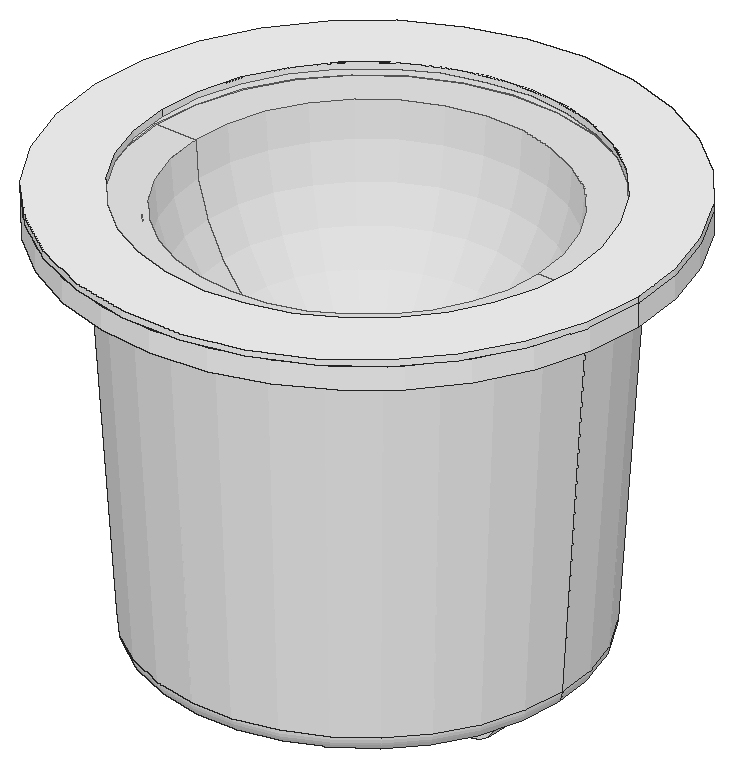
Revit family "2058859 Feilo Sylvania Lighting Fixture MYRD IP ST 2-7K DALIEM WHT WBEZ", category Lighting Fixtures, host Face, Revit 2017
Family settings
  Host = Face
  Round Connector Dimension = Use Diameter
  Part Type = Normal
  OmniClass Number = 23.80.70.11.17
  OmniClass Title = Specialized Lighting by Location or Use
  Cut with Voids When Loaded = No
  Light Source = Yes
  Shared = No
  Room Calculation Point = No
Parameters
  Weight = "1.44 kg"
  Wattage = 15 W
  WarrantyStartDate [instance] = "n/a"
  WarrantyGuarantorParts = "n/a"
  WarrantyDurationUnit = "n/a"
  WarrantyDurationParts = "n/a"
  WarrantyDescription = "n/a"
  built-in parameter 1150110 = 1 (stored number, unit not read)
  Voltage = 230 V
  URL = "http://www.sylvania-lighting.com"
  TypeName = "MYRD IP ST 2.7K DALIEM WHT WBEZ"
  Type Image = 0
  Type Comments = ""
  built-in parameter 1114217 = 1 (stored number, unit not read)
  Tilt Angle = -90°
  built-in parameter 1150109 = 1 (stored number, unit not read)
  built-in parameter 1150134 = (empty or 0)
  built-in parameter 1150113 = 1 (stored number, unit not read)
  SerialNumber [instance] = "n/a"
  Reflector Radius = Cutout Diameter / 2 - 2.5 mm  # 35.0 mm
  Reflector Material = Aluminum_Sylvania_Myriad_Bright
  Recessed Depth = Height  # 72.0 mm
  PowerFactor = 0
  PowerConsumption = "15 W"
  Photometric Web File = "2058859.ies"
  NominalWidth = 0.0 mm
  NominalLength = 76.0 mm
  NominalHeight = 72.0 mm
  Name = "MYRD IP ST 2.7K DALIEM WHT WBEZ"
  ModelReference = "MYRD IP ST 2.7K DALIEM WHT WBEZ"
  ModelNumber = "2058859"
  Material = "Aluminium"
  ManufacturerName = "Feilo Sylvania"
  LuminousEfficacy = "70 lm/W"
  LuminaireType = "Ceiling recessed"
  LightOutputRatio = "1"
  LampsType = Lamp  # "LED"
  LampNominalLuminous = "1046 lm"
  LampMacAdamStep = "n/a"
  LampColourTemperature = "2700 K"
  LampColourRenderingIndex = "n/a"
  Keynote = "16500"
  Keynote_2 = "16500"
  InstallationDate [instance] = "n/a"
  InputVoltage = "230-240V~"
  InputNominalFrequency = "50/60 Hz"
  IngressProtection = "IP65"
  ImpactProtectionIndex = "IK02"
  IfcExportType = "IfcLightFixtureType"
  IfcExportAs = "IfcLightFixtureType"
  Height = 72.0 mm  # constant formula
  ExpectedLife = 50000
  Emit from Circle Diameter = Accessory Inner Diameter 2  # 68.0 mm
  Emit Shape Visible in Rendering = no
  ElectricShockClassification = "Class II"
  DurationUnit = "hours"
  DocumentationLiterature = "http://www.sylvania-lighting.com/product/en-int/products/2058859"
  DimmingControlOptions = "Dimmable"
  Diffuser Material = Glass_Sylvania_Myriad_Clear_4000K
  Diffuser Diameter = Cutout Diameter  # 75.0 mm
  Cutout Diameter = 75.0 mm  # constant formula
  CreatedOn = "03-11-2017"
  CreatedBy = ""
  Cost = 0
  built-in parameter 1114216 [instance] = 1 (stored number, unit not read)
  Model = "MYRD IP ST 2.7K DALIEM WHT WBEZ"
  Manufacturer = "Feilo Sylvania"  # constant formula
  built-in parameter 1150105 = 83.556 (stored number, unit not read)
  Lumens = 1050 lm
  built-in parameter 1150115 = 1 (stored number, unit not read)
  built-in parameter 1150137 = (empty or 0)
  built-in parameter 1150139 = (empty or 0)
  built-in parameter 1150112 = 1 (stored number, unit not read)
  built-in parameter 1150114 = 1 (stored number, unit not read)
  Lamp = "LED"
  built-in parameter 1150132 = (empty or 0)
  built-in parameter 1150102 = (empty or 0)
  built-in parameter 1150107 = 2700 (stored number, unit not read)
  built-in parameter 1150138 = (empty or 0)
  built-in parameter 1150106 = 0.83556 (stored number, unit not read)
  built-in parameter 1150104 = 6.5032 (stored number, unit not read)
  Dimming Lamp Color Temperature Shift = (empty or 0)
  Description = "Supplied complete with electronic control gear Compact Fluorescent low energy downlight Emergency version passes through the cut out Ideal for low level orientation lighting New range of Architectural accessories each providing a different lit dimension New completely flush plaster up accessory ring for clean ceiling lines and smooth finish Order lamp separately"  # constant formula
  Default Elevation = 0.0 mm
  Color Filter = 16777215
  built-in parameter 1140040 [instance] = 1
  Body Radius = Reflector Radius + 1.5 mm  # 36.5 mm
  Body Material = Aluminum_Sylvania_Myriad_Gray
  BarCode [instance] = "n/a"
  built-in parameter 1114218 = 1 (stored number, unit not read)
  built-in parameter 1150133 = 10 (stored number, unit not read)
  AssetType = "Fixed"
  AssetIdentifier [instance] = "n/a"
  Assembly Code = "D5020200"
  Apparent Load = 15 VA
  Accessory Material = Aluminum_Sylvania_Myriad_White
  Accessory Inner Diameter 2 = Accessory Diameter - 22.0 mm  # 68.0 mm
  Accessory Inner Diameter 1 = Accessory Diameter - 2.0 mm  # 88.0 mm
  Accessory Diameter = Cutout Diameter + 15.0 mm  # 90.0 mm
Reference planes
  plane 1 "Center (Front/Back)": y = 0
  plane 2: z = 0
  plane 3 "Center (Left/Right)": x = 0
  plane 4: z = 2
  plane 5 "Fixture Bottom": z = 4.5
  plane 6: z = -28.5
  plane 7: z = -61.5
  plane 8 "Fixture Top": z = -67.5
  plane 9: z = 3.5
Forms (mm)
  Revolve 1, solid, material "Aluminum_Sylvania_Myriad_Bright" <- "Reflector Material", detail levels fine
    sketch origin (0, 0, 0) x (1, 0, 0) y (0, 0, 1)
      loop
        line (0, -27.515) -> (-6, -27.515)
        arc (-6, -27.515) -> (-22.333, -16.632) -> (-28.5, 2) r 30.135
        line (-28.5, 2) -> (-35, 2) -> (-35, 0) -> (-29.184, 0)
        arc (-29.184, 0) -> (-22.423, -18.18) -> (-6, -28.5) r 30.204
        line (-6, -28.5) -> (0, -28.5) -> (0, -27.515)
      axis (0, -28.5) -> (0, 2)
    angle from 0 to 360
  Revolve 2, solid, material "Aluminum_Sylvania_Myriad_Gray" <- "Body Material", detail levels fine
    sketch origin (0, 0, 0) x (1, 0, 0) y (0, 0, 1)
      loop
        line (-44, 2) -> (-44, 0) -> (-36.5, 0) -> (-32.42, -58.708)
        arc (-32.42, -58.708) -> (-31.474, -60.694) -> (-29.428, -61.5) r 3
        line (-29.428, -61.5) -> (0, -61.5) -> (0, -28.5) -> (-6, -28.5)
        arc (-6, -28.5) -> (-22.423, -18.18) -> (-29.184, 0) r 30.204
        line (-29.184, 0) -> (-35, 0) -> (-35, 2) -> (-44, 2)
      axis (0, 2) -> (0, -61.5)
    angle from 0 to 360
  Extrusion 3, solid, material "Aluminum_Sylvania_Myriad_Gray" <- "Body Material", detail levels fine
    sketch origin (0, 0, 0) x (1, 0, 0) y (0, 0, 1)
      loop
        line (-13.5, -67.5) -> (21, -67.5)
        arc (21, -67.5) -> (23.828, -66.328) -> (25, -63.5) r 4
        line (25, -63.5) -> (25, -61.5) -> (-17.5, -61.5) -> (-17.5, -63.5)
        arc (-17.5, -63.5) -> (-16.328, -66.328) -> (-13.5, -67.5) r 4
    from -4.5 to 4.5
  Extrusion 4, solid, material "Aluminum_Sylvania_Myriad_White" <- "Accessory Material", detail levels fine
    sketch origin (0, 0, 0) x (1, 0, 0) y (0, 1, 0)
      loop
        circle (0, 0) r 45
      loop
        circle (0, 0) r 44
    from 0 to 3.5
  Extrusion 5, solid, material "Aluminum_Sylvania_Myriad_White" <- "Accessory Material", detail levels fine
    sketch origin (0, 0, 0) x (1, 0, 0) y (0, 1, 0)
      loop
        circle (0, 0) r 45
      loop
        circle (0, 0) r 34
    from 3.5 to 4.5
  Extrusion 6, solid, material "Aluminum_Sylvania_Myriad_White" <- "Accessory Material", detail levels coarse+medium
    sketch origin (0, 0, 0) x (1, 0, 0) y (0, 1, 0)
      loop
        circle (0, 0) r 45
    from 0 to 4.5
  Revolve 7, solid, detail levels coarse+medium
    sketch origin (0, 0, 0) x (1, 0, 0) y (0, 0, 1)
      loop
        line (36.5, 0) -> (0, 0) -> (0, -61.5) -> (32.226, -61.5) -> (36.5, 0)
      axis (0, 0) -> (0, -61.5)
    angle from 0 to 360
  Extrusion 8, void
    sketch origin (0, 0, 0) x (1, 0, 0) y (0, 1, 0)
      loop
        circle (0, 0) r 37.5
    from -67.5 to 0
  Extrusion 9, solid, material "Glass_Sylvania_Myriad_Clear_4000K" <- "Diffuser Material", detail levels fine
    sketch origin (0, 0, 0) x (1, 0, 0) y (0, 1, 0)
      loop
        circle (0, 0) r 37.5
    from 2 to 3.5
Cuts and joins
  joined: Extrusion 4, Extrusion 5
Lines and regions (mm)
  Masking region 1
    outline origin (0, 0, 0) x (1, 0, 0) y (0, 1, 0)
      loop
        circle (0, 0) r 45
  symbolic lines
    curve 1: arc (-34, 0, 0) -> (0, 34, 0) -> (34, 0, 0) r 34
    curve 2: arc (34, 0, 0) -> (0, -34, 0) -> (-34, 0, 0) r 34
Dimensions and locks
  locked: plane 7 to plane 8 "Fixture Top" at 6
  "Body Radius": Revolve 7 sketch curve to plane 3 "Center (Left/Right)"
  locked: Revolve 7 sketch curve to Revolve 7 sketch curve at 4.274
  plane 5 "Fixture Bottom" to plane 9 to plane 4 to plane 2 to plane 6 = 1.0 mm locked, 1.5 mm locked, 2.0 mm locked, 28.5 mm locked
  "Reflector Radius": Revolve 1 sketch curve to plane 3 "Center (Left/Right)"
  Revolve 1 sketch curve to Revolve 1 sketch curve to Revolve 1 sketch curve to Revolve 1 sketch curve = 6.5 mm locked, 22.5 mm locked, 0.0 mm locked
  "Reflector Radius": plane 3 "Center (Left/Right)" to Revolve 2 sketch curve
  Revolve 2 sketch curve to Revolve 2 sketch curve to Revolve 2 sketch curve = 7.5 mm locked, 1.5 mm locked
  Revolve 2 sketch curve to Revolve 2 sketch curve to Revolve 2 sketch curve = 5.816 mm locked, 23.184 mm locked
  Revolve 2 sketch curve to Revolve 2 sketch curve to Revolve 2 sketch curve = 2.58 mm locked, 2.993 mm locked
  "Accessory Diameter": diameter of Extrusion 4 sketch curve
  "Accessory Inner Diameter 1": diameter of Extrusion 4 sketch curve
  "Accessory Diameter": diameter of Extrusion 5 sketch curve
  "Accessory Diameter": diameter of Extrusion 6 sketch curve
  "Cutout Diameter": diameter of Extrusion 8 sketch curve
  "Accessory Inner Diameter 2": diameter of Extrusion 5 sketch curve
  "Diffuser Diameter": diameter of Extrusion 9 sketch curve
  aligned and locked: plane 2 to host face
  aligned and locked: level to host face
  aligned and locked: plane 1 "Center (Front/Back)" to imposter light
  aligned and locked: plane 3 "Center (Left/Right)" to imposter light
  aligned and locked: Revolve 1 sketch curve to imposter light
  aligned and locked: Extrusion 3 sketch curve to plane 8 "Fixture Top"
  aligned and locked: plane 7 to Extrusion 3 sketch curve
  aligned and locked: Extrusion 4 to plane 2
  aligned and locked: plane 9 to Extrusion 4
  aligned and locked: Extrusion 5 to plane 9
  aligned and locked: plane 5 "Fixture Bottom" to Extrusion 5
  aligned and locked: Extrusion 6 to plane 2
  aligned and locked: plane 5 "Fixture Bottom" to Extrusion 6
  aligned and locked: Extrusion 8 to plane 8 "Fixture Top"
  aligned and locked: plane 2 to Extrusion 8
  aligned and locked: Masking region 1 sketch curve to Extrusion 6  (x2)
  aligned and locked: Extrusion 9 to plane 4
  aligned and locked: plane 9 to Extrusion 9
  aligned and locked: plane 4 to Revolve 2 sketch curve
  aligned and locked: Revolve 2 sketch curve to plane 2
  aligned and locked: curve 1 to cut or joined group of Extrusion 4, Extrusion 5
  aligned and locked: curve 2 to cut or joined group of Extrusion 4, Extrusion 5
  aligned and locked: imposter light to plane 5 "Fixture Bottom"
Automatic sketch dimensions
  host sketch curve to host sketch curve = 1305.563 mm
  host sketch curve to host sketch curve = 1283.632 mm
  Extrusion 3 sketch curve to plane 7 = 2.0 mm
  Extrusion 3 sketch curve to plane 3 "Center (Left/Right)" = 13.5 mm
  plane 3 "Center (Left/Right)" to Extrusion 3 sketch curve = 21.0 mm
  Extrusion 3 sketch curve to Extrusion 3 sketch curve = 4.0 mm
  Revolve 1 sketch curve to level = 0.0 mm
  Revolve 1 sketch curve to plane 3 "Center (Left/Right)" = 0.0 mm
  Revolve 1 sketch curve to plane 6 = 0.0 mm
  Revolve 1 sketch curve to plane 4 = 0.0 mm
  Revolve 1 sketch curve to Revolve 1 sketch curve = 0.684 mm
  level to Revolve 1 sketch curve = 0.88 mm
  Revolve 1 sketch curve to plane 4 = 0.363 mm
  Revolve 1 sketch curve to Revolve 1 sketch curve = 0.625 mm
  Revolve 1 sketch curve to plane 8 "Fixture Top" = 232.8 mm
  plane 5 "Fixture Bottom" to Revolve 1 sketch curve = 291.243 mm
  Revolve 2 sketch curve to plane 3 "Center (Left/Right)" = 0.0 mm  (x2)
  Revolve 2 sketch curve to plane 7 = 0.0 mm
  Revolve 2 sketch curve to plane 6 = 0.0 mm
  Revolve 2 sketch curve to level = 0.0 mm
  level to Revolve 2 sketch curve = 0.88 mm
  plane 7 to Revolve 2 sketch curve = 2.792 mm
  Revolve 2 sketch curve to plane 8 "Fixture Top" = 304.774 mm
  plane 5 "Fixture Bottom" to Revolve 2 sketch curve = 1137.105 mm
  Extrusion 4 sketch curve to Extrusion 4 sketch curve = 0.0 mm  (x2)
  plane 1 "Center (Front/Back)" to Extrusion 4 sketch curve = 0.0 mm
  Extrusion 4 sketch curve to plane 3 "Center (Left/Right)" = 0.0 mm
  Extrusion 5 sketch curve to Extrusion 5 sketch curve = 0.0 mm  (x2)
  plane 1 "Center (Front/Back)" to Extrusion 5 sketch curve = 0.0 mm
  Extrusion 5 sketch curve to plane 3 "Center (Left/Right)" = 0.0 mm
  plane 1 "Center (Front/Back)" to Extrusion 6 sketch curve = 0.0 mm
  Extrusion 6 sketch curve to plane 3 "Center (Left/Right)" = 0.0 mm
  Revolve 7 sketch curve to level = 0.0 mm
  Revolve 7 sketch curve to plane 3 "Center (Left/Right)" = 0.0 mm  (x2)
  Revolve 7 sketch curve to plane 7 = 0.0 mm
  Revolve 7 sketch curve to plane 8 "Fixture Top" = 304.774 mm
  plane 5 "Fixture Bottom" to Revolve 7 sketch curve = 43.226 mm
  plane 1 "Center (Front/Back)" to Extrusion 8 sketch curve = 0.0 mm
  Extrusion 8 sketch curve to plane 3 "Center (Left/Right)" = 0.0 mm
  plane 1 "Center (Front/Back)" to Extrusion 9 sketch curve = 0.0 mm
  Extrusion 9 sketch curve to plane 3 "Center (Left/Right)" = 0.0 mm
Connectors
  electrical at (-0.006, -0.019, -67.5), driven by "Apparent Load", driven by "Apparent Load"
    settings: on plane 8 "Fixture Top", index 1, voltage 230 V, apparent load 15 VA, apparent load phase1 15 VA, apparent load phase2 0 VA, apparent load phase3 0 VA, power factor 1, load classification "Lighting", number of poles 1, system type 30, power factor state 1, is connector primary yes, connector utility no, sub classification motor no, connector description ""
